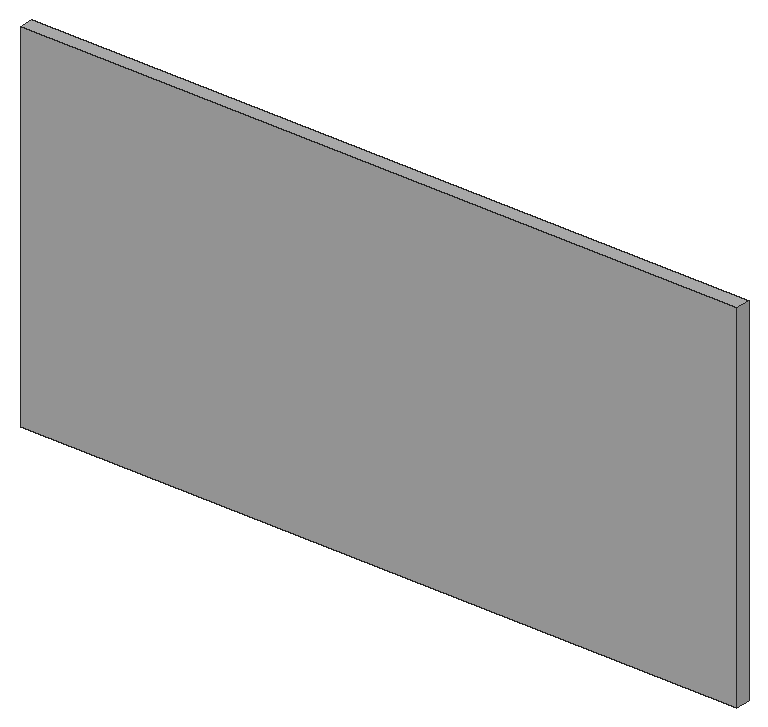
Revit family "Sound Silencer - Ceiling Baffles", category Specialty Equipment, Revit 2023
Family settings
  Round Connector Dimension = Use Diameter
  Part Type = Normal
  OmniClass Number = 23.35.00.00
  OmniClass Title = Covering, Cladding, and Finishes
  Work Plane-Based = No
  Enable Cutting in Views = Yes
  Always vertical = Yes
  Cut with Voids When Loaded = No
  Maintain Annotation Orientation = No
  Shared = No
  Room Calculation Point = No
Parameters (values of type "24 x 48 - 1 INCH - Charcoal")
  ‍      1. Thickness 1" = Thickness Options = 1  # yes
  URL = "https://www.acousticalsurfaces.com/sound-silencer/baffle/"
  Type Comments = "Acoustical Baffles"
  Thickness Options = 1
  T = if(Thickness Options = 0, 0' 0 1/2", 0' 0") + if(Thickness Options = 1, 0' 1", 0' 0") + if(Thickness Options = 2, 0' 2", 0' 0")  # 0' - 1"
  Recycled Content Percentage = "0%"
  Model = "Sound Silencer - Baffle"
  Material = "Sound Silencer"
  Manufacturer = "Acoustical Surfaces, Inc."
  Fire Rating = "ASTM E84 - Class A"
  Finish = Paint - Acoustical-Surfaces - Sound Silencer - Charcoal
  Width = 2' - 0"
  Length = 4' - 0"
  ‍      2. Thickness 2" = Thickness Options = 2  # no
  Description = "Acoustical Baffles"
  Default Elevation = 0' - 0"
  B = Width / 2  # 1' - 0"
  Assembly Code = "C30"
  Acoustics - NRC = "Sound absorption varies from NRC 0.45 to 0.95 based on installation method used when tested per ASTM C423."
Types (4): name | ‍      1. Thickness 1" | Thickness Options | T | Finish | ‍      2. Thickness 2"
  24 x 48 - 1 INCH - Charcoal | yes | 1 | 0' - 1" | Paint - Acoustical-Surfaces - Sound Silencer - Charcoal | no
  24 x 48 - 1 INCH - White | yes | 1 | 0' - 1" | Paint - Acoustical-Surfaces - Sound Silencer - White | no
  24 x 48 - 2 INCH - Charcoal | no | 2 | 0' - 2" | Paint - Acoustical-Surfaces - Sound Silencer - Charcoal | yes
  24 x 48 - 2 INCH - White | no | 2 | 0' - 2" | Paint - Acoustical-Surfaces - Sound Silencer - White | yes
Reference planes (in)
  plane 1 "Center (Front/Back)": y = 0
  plane 2: z = 0
  plane 3 "Center (Left/Right)": x = 0
  plane 4: x = -24
  plane 5: x = 24
  plane 6: y = -1
  plane 7: z = 24
Dimensions and locks (in)
  "B": nested 1 to level
  equal spacing: plane 4, plane 3 "Center (Left/Right)", plane 5
  "Length": plane 4 to plane 5
  "T": plane 6 to plane 1 "Center (Front/Back)"
  "Width": plane 7 to plane 2
  aligned and locked: level to plane 2
Nested families (in)
  nested 1: "Square" at (0, 0, 12) x (-1, 0, 0) z (0, -1, 0), type "Square"
    with A 4' - 0"
Definition of nested family "Square"
  Parameters (values of type "Square")
    Thickness = 0' - 1"
    Material = none
    Default Elevation = 4' - 0"
    B = 2' - 0"
    A = 8' - 0"
  Reference planes (in)
    plane 1 "Center (Front/Back)": y = 0
    plane 2: z = 0
    plane 3 "Center (Left/Right)": x = 0
    plane 4: x = -48
    plane 5: x = 48
    plane 6: y = 12
    plane 7: y = -12
    plane 8: z = 1
  Forms (in)
    Extrusion 1, solid, material <- "Material"
      sketch origin (0, 0, 0) x (1, 0, 0) y (0, 1, 0)
        loop
          line (48, 12) -> (-48, 12) -> (-48, -12) -> (48, -12) -> (48, 12)
      from 0 to 1
  Dimensions and locks (in)
    equal spacing: plane 4, plane 3 "Center (Left/Right)", plane 5
    equal spacing: plane 7, plane 1 "Center (Front/Back)", plane 6
    "B": plane 7 to plane 6
    "A": plane 4 to plane 5
    "Thickness": plane 8 to level
    aligned and locked: level to plane 2
    aligned and locked: Extrusion 1 sketch curve to plane 4
    aligned and locked: plane 5 to Extrusion 1 sketch curve
    aligned and locked: Extrusion 1 sketch curve to plane 6
    aligned and locked: Extrusion 1 sketch curve to plane 7
    aligned and locked: Extrusion 1 to plane 8
